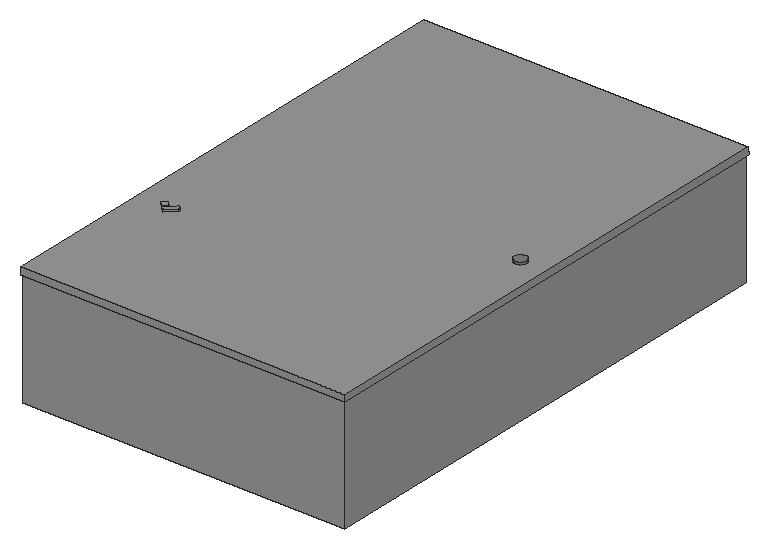
Revit family "Access16DoorController", category Electrical Equipment, host Face, Revit 2019
Family settings
  Host = Face
  Round Connector Dimension = Use Diameter
  Part Type = Other Panel
  Cut with Voids When Loaded = No
  Shared = No
  Room Calculation Point = Yes
Parameters (values of type "AC62-HW")
  Width = 497.1 mm
  URL = "https://www.verkada.com/access-control/ac62/"
  Type Image = AC62.png
  Model = "AC62-HW"
  Manufacturer = "VERKADA"  # constant formula
  Length = 773.45 mm
  Height = 186 mm
  Description = "16 DOOR CONTROLLER"
  Default Elevation = 1219.2 mm
Reference planes
  plane 1 "Center (Front/Back)": y = 0
  plane 2: z = 0
  plane 3 "Center (Left/Right)": x = 0
  plane 4: x = 248.55
  plane 5: y = 386.725
  plane 6: y = -386.725
  plane 7: x = -248.55
  plane 8: z = 186
  plane 9 "Key": x = 208.55
Forms (mm)
  Extrusion 1, solid, material "Verkada Black"
    sketch origin (0, 0, 0) x (1, 0, 0) y (0, 1, 0)
      loop
        line (-246.31, -384.49) -> (246.31, -384.49) -> (246.31, 384.49) -> (-246.31, 384.49) -> (-246.31, -384.49)
    from 0 to 176
  Sweep 2, solid, material "Verkada White"
    path origin (0, 0, 0) x (1, 0, 0) y (0, 0, 1)
      loop
        line (0, 186) -> (0, 176)
    profile origin (0, 0, 181) x (0, -1, 0) y (1, 0, 0)
      loop
        line (-386.725, -248.55) -> (386.725, -248.55) -> (386.725, 248.55) -> (-386.725, 248.55) -> (-386.725, -248.55)
  Extrusion 3, solid, material "Verkada Black"
    sketch origin (-199.932, -268.48, 67.303) x (1, 0, 0) y (0, 1, 0)
      loop
        line (-1.177, 106.44) -> (-7.923, 113.632)
        arc (-7.923, 113.632) -> (-8.47, 113.868) -> (-9.017, 113.63) r 0.749
        line (-9.017, 113.63) -> (-13.435, 108.892)
        arc (-13.435, 108.892) -> (-13.635, 108.384) -> (-13.434, 107.876) r 0.744
        line (-13.434, 107.876) -> (-6.619, 100.603) -> (-1.177, 106.44)
      loop
        line (7.923, 113.632) -> (-5.446, 99.379) -> (-0.543, 94.121)
        arc (-0.543, 94.121) -> (0, 93.885) -> (0.544, 94.12) r 0.744
        line (0.544, 94.12) -> (13.434, 107.876)
        arc (13.434, 107.876) -> (13.635, 108.384) -> (13.435, 108.892) r 0.744
        line (13.435, 108.892) -> (9.017, 113.63)
        arc (9.017, 113.63) -> (8.47, 113.868) -> (7.923, 113.632) r 0.749
    from 118.697 to 121.147
  Extrusion 4, solid, material "Stainless Steel"
    sketch origin (0, 0, 0) x (1, 0, 0) y (0, 1, 0)
      loop
        circle (208.55, 0) r 9.5
    from 186 to 188.451
Dimensions and locks
  equal spacing: plane 7, plane 3 "Center (Left/Right)", plane 4
  "Width": plane 7 to plane 4
  "Height": plane 8 to level
  equal spacing: plane 6, plane 1 "Center (Front/Back)", plane 5
  "Length": plane 6 to plane 5
  plane 8 to host face = 186 mm
  plane 9 "Key" to plane 4 = 40 mm
  locked: Extrusion 4 to plane 8 at 2.451
  locked: plane 8 to Extrusion 3 at 2.45
  aligned and locked: plane 2 to host face
  aligned and locked: level to host face
  aligned and locked: Sweep 2 sketch curve to plane 4
  aligned and locked: plane 5 to Sweep 2 sketch curve
  aligned and locked: Sweep 2 sketch curve to plane 6
  aligned and locked: plane 7 to Sweep 2 sketch curve
  aligned and locked: plane 8 to Extrusion 4
  aligned and locked: plane 8 to Extrusion 3
Automatic sketch dimensions
  host sketch curve to host sketch curve = 2438.4 mm  (x2)
  Sweep 2 sketch curve to plane 3 "Center (Left/Right)" = 0 mm
  Sweep 2 sketch curve to plane 8 = 0 mm
  plane 8 to Sweep 2 sketch curve = 10 mm
  Extrusion 3 sketch curve to plane 3 "Center (Left/Right)" = 213.367 mm
  Extrusion 3 sketch curve to Extrusion 3 sketch curve = 0.001 mm  (x2)
  Extrusion 3 sketch curve to Extrusion 3 sketch curve = 0.544 mm  (x2)
  Extrusion 3 sketch curve to Extrusion 3 sketch curve = 4.419 mm
  Extrusion 3 sketch curve to Extrusion 3 sketch curve = 0.547 mm  (x2)
  Extrusion 3 sketch curve to Extrusion 3 sketch curve = 0.546 mm  (x2)
  Extrusion 3 sketch curve to plane 3 "Center (Left/Right)" = 206.552 mm
  Extrusion 3 sketch curve to Extrusion 3 sketch curve = 1.174 mm
  Extrusion 3 sketch curve to plane 3 "Center (Left/Right)" = 201.109 mm
  Extrusion 3 sketch curve to plane 3 "Center (Left/Right)" = 200.475 mm
  Extrusion 3 sketch curve to plane 3 "Center (Left/Right)" = 199.931 mm
  Extrusion 3 sketch curve to plane 3 "Center (Left/Right)" = 199.388 mm
  Extrusion 3 sketch curve to plane 3 "Center (Left/Right)" = 192.009 mm
  Extrusion 3 sketch curve to Extrusion 3 sketch curve = 4.422 mm
  Extrusion 3 sketch curve to Extrusion 3 sketch curve = 0.543 mm
  plane 1 "Center (Front/Back)" to Extrusion 3 sketch curve = 174.36 mm
  Extrusion 3 sketch curve to Extrusion 3 sketch curve = 5.258 mm
  Extrusion 3 sketch curve to Extrusion 3 sketch curve = 1.224 mm
  Extrusion 3 sketch curve to Extrusion 3 sketch curve = 5.836 mm
  Extrusion 3 sketch curve to Extrusion 3 sketch curve = 7.272 mm
  Extrusion 3 sketch curve to Extrusion 3 sketch curve = 1.436 mm
  Extrusion 3 sketch curve to Extrusion 3 sketch curve = 0.509 mm  (x2)
  Extrusion 3 sketch curve to Extrusion 3 sketch curve = 4.735 mm  (x2)
  Extrusion 3 sketch curve to Extrusion 3 sketch curve = 0.511 mm  (x2)
  Extrusion 1 sketch curve to plane 4 = 2.24 mm
  plane 7 to Extrusion 1 sketch curve = 2.24 mm
  plane 5 to Extrusion 1 sketch curve = 2.235 mm
  Extrusion 1 sketch curve to plane 6 = 2.235 mm
  plane 1 "Center (Front/Back)" to Extrusion 4 sketch curve = 0 mm
  Extrusion 4 sketch curve to plane 9 "Key" = 0 mm
  radius of Extrusion 4 sketch curve = 9.5 mm
Connectors
  electrical at (0, 0, 0)
    settings: index 2, voltage 0 V, apparent load 0 VA, apparent load phase1 0 VA, apparent load phase2 0 VA, apparent load phase3 0 VA, power factor 1, load classification "Other", number of poles 1, system type 10, power factor state 1, is connector primary yes, connector utility no, sub classification motor no, connector description ""
